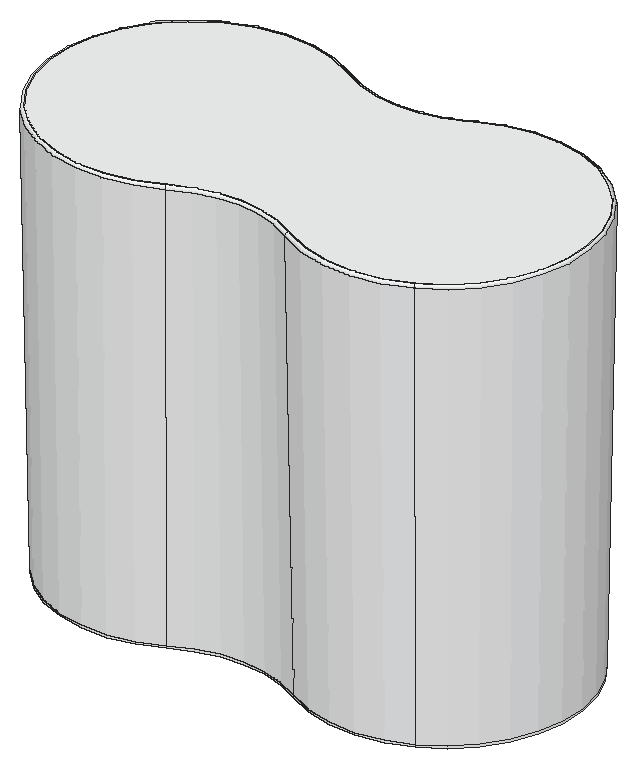
Revit family "INTONO C IN 2.3", category Lighting Fixtures, host Ceiling, Revit 2020
Family settings
  Host = Ceiling
  Round Connector Dimension = Use Diameter
  Part Type = Normal
  OmniClass Number = 23.80.70.11
  OmniClass Title = Luminaries for Internal Lighting
  Always vertical = Yes
  Cut with Voids When Loaded = No
  Light Source = Yes
  Shared = No
  Room Calculation Point = Yes
Parameters (values of type "INTONO C IN 2.3 TT 11° (3000K CRI90 12W 230Vac)")
  Wiring = "-"
  Width mm = 53.00 mm
  Weight kg = "0.35 kg"
  Wattage = 6.08582 W
  Vertical rotation max = 0.00°
  URL Technical sheet = "-"
  URL Image = "https://www.lucelight.it/en/prodotto-foto.php/141541"
  URL IES Photometric file = "https://www.lucelight.it/media/prodotti/fotometrie/intono_c_in_2.3_ies.zip"
  URL General code = "https://www.lucelight.it/en/prodotto.php/141541#a-generacodice"
  URL Description = "https://www.lucelight.it/en/capitolato.php/141541"
  URL DXF = "https://www.lucelight.it/media/prodotti/dxf/intono_c_in_2.3.dxf"
  URL Catalogue = "https://www.lucelight.it/media/prodotti/mf_brochure/intono_c_in_brochure_en.pdf"
  URL Accessories and power supply units = "https://www.lucelight.it/en/prodotto.php/141541#a-scheda-accessori"
  URL = "https://www.lucelight.it/en/prodotto.php/141541"
  Trim = L&L_Black glass
  built-in parameter 1150110 = 1 (stored number, unit not read)
  Tilt Angle = 90.00°
  Power supply unit = "built-in"
  Power supply = "230Vac"
  Power cables = "-"
  Power = "12W"
  Photometric Web File = "INTONO C 2.3 TT 11° [3000K CRI90 12W 230Vac].IES"
  Optics = "11°"
  Notes = "Version compatible with Google Home or Amazon Echo available on request for voice command control"
  No. and type of led = "2 power LEDs, 3-step MacAdam, 50 000h L90 B10 (Ta 25°C)"
  Mounting = "surface mounted (ceiling)"
  Model = "Intono C IN 2.3"
  Material = "Body in die-cast aluminium, screen in black-serigraphed, tempered, transparent extra-clear glass"
  Manufacturer = "L&L Luce&Light"
  Lumen output at source = "904 lm (3000K, CRI 90), 976 lm (3000K, CRI 80)"
  Lens = L&L_Tempered extra-clear glass
  built-in parameter 1114217 = 1 (stored number, unit not read)
  built-in parameter 1150109 = 1 (stored number, unit not read)
  built-in parameter 1150134 = (empty or 0)
  built-in parameter 1150113 = 1 (stored number, unit not read)
  Lumens = 904 lm
  built-in parameter 1150115 = 1 (stored number, unit not read)
  built-in parameter 1150105 = 13194.9 (stored number, unit not read)
  built-in parameter 1150137 = (empty or 0)
  built-in parameter 1150139 = (empty or 0)
  Length mm = 100.00 mm
  built-in parameter 1150112 = 1 (stored number, unit not read)
  built-in parameter 1150114 = 1 (stored number, unit not read)
  LED Colour = "2700K, 3000K, 4000K"
  built-in parameter 1150132 = 2
  built-in parameter 1150102 = (empty or 0)
  built-in parameter 1150138 = (empty or 0)
  built-in parameter 1150107 = 3000 (stored number, unit not read)
  built-in parameter 1150106 = 131.95 (stored number, unit not read)
  IP = "IP40"
  Horizontal rotation max = 0.00°
  Height mm = 82.00 mm
  Features = "easy installation thanks to 4-point magnetic fastener"
  Energy efficiency class = "A A+ A++"
  Emit from Line Length = 609.60 mm
  built-in parameter 1150104 = 13.8 (stored number, unit not read)
  Dimming Lamp Color Temperature Shift = <None>
  Description = "Ceiling mounted for indoor applications"
  Delivered lumen output = "652 lm (3000K, 34°, CRI 90), 704 lm (3000K, 34°, CRI 80)"
  Default Elevation = 0.00 mm
  Cutout dimensions = "-"
  Control system = "ON/OFF"
  Contact = "T: +39 0444 360571; E: lucelight@lucelight.it"
  Company = "L&L Luce&Light"
  Color Filter = 16777215
  Code = "-"
  CRI = "CRI 80; CRI >90"
  built-in parameter 1114218 = 1 (stored number, unit not read)
  Body = L&L _Aluminium low copper
  built-in parameter 1150133 = 10 (stored number, unit not read)
Types (5, lengths in mm): name | Photometric Web File | Optics
  (no name) | "INTONO C 2.3 TT 11° [3000K CRI90 12W 230Vac].IES" | "11°"
  INTONO C IN 2.3 TT 11° (3000K CRI90 12W 230Vac) | "INTONO C 2.3 TT 11° [3000K CRI90 12W 230Vac].IES" | "11°"
  INTONO C IN 2.3 MM 34° (3000K CRI90 12W 230Vac) | "INTONO C 2.3 MM 34° [3000K CRI90 12W 230Vac].IES" | "34°"
  INTONO C IN 2.3 KK 68° (3000K CRI90 12W 230Vac) | "INTONO C 2.3 KK 68° [3000K CRI90 12W 230Vac].IES" | "68°"
  INTONO C IN 2.3 DD (3000K CRI90 12W 230Vac) | "INTONO C 2.3 DD [3000K CRI90 12W 230Vac].IES" | "diffuse"
Reference planes
  plane 1 "Light Source Axis (F/B)": y = 0
  plane 2 "Ceiling": z = 2438.4
  plane 3 "Light Source Axis (L/R)": x = 0
  plane 4 "Light Source Elevation": z = 2336.8
Dimensions and locks
  equal spacing: host sketch curve, plane 3 "Light Source Axis (L/R)", host sketch curve
  equal spacing: host sketch curve, plane 1 "Light Source Axis (F/B)", host sketch curve
  host sketch curve to host sketch curve = 3048.00 mm  (x2)
  aligned and locked: plane 3 "Light Source Axis (L/R)" to imposter light
  aligned and locked: plane 1 "Light Source Axis (F/B)" to imposter light
  aligned and locked: plane 4 "Light Source Elevation" to imposter light
Nested families
  nested 1: "INTONO C IN 2.3_mod" at (0, 0, 2438.4), type "INTONO C IN 2.3_mod"
Definition of nested family "INTONO C IN 2.3_mod"
  Parameters (values of type "INTONO C IN 2.3_mod")
    Trim = none
    Lens = none
    Default Elevation = 1219.20 mm
    Body = none
  Reference planes
    plane 1 "Light Source Axis (F/B)": y = 0
    plane 2: z = 0
    plane 3 "Light Source Axis (L/R)": x = 0
    plane 4 "Light Source Elevation": z = 0
    plane 5: z = 82.5
    plane 6: x = -51.427
    plane 7: x = 51.427
    plane 8: x = 50.013
    plane 9: x = -50.013
  Forms (mm)
    Sweep 1, solid, material <- "Body", detail levels medium+fine
      path origin (0, 0, 0) x (0, 1, 0) y (-1, 0, 0)
        loop
          arc (23.219, 37.594) -> (-12.919, 48.062) -> (-22.901, 11.787) r 26.427
          arc (-22.901, 11.787) -> (-19.742, 0) -> (-22.901, -11.787) r 23.573
          arc (-22.901, -11.787) -> (-26.439, -24.645) -> (-23.247, -37.594) r 26.427
          arc (-23.247, -37.594) -> (12.891, -48.062) -> (22.872, -11.787) r 26.427
          arc (22.872, -11.787) -> (19.714, 0) -> (22.872, 11.787) r 23.573
          arc (22.872, 11.787) -> (26.41, 24.645) -> (23.219, 37.594) r 26.427
      profile origin (-48.062, -12.919, 0) x (0.872665, 0.488319, 0) y (0, 0, 1)
        loop
          arc (0.577, 0) -> (0.168, -0.179) -> (0, -0.593) r 0.593
          line (0, -0.593) -> (1.4, -82.004) -> (2.8, -82.004) -> (0.577, 0)
    Extrusion 2, solid, material <- "Body", detail levels coarse
      sketch origin (0, 0, -80.493) x (0, 1, 0) y (-1, 0, 0)
        loop
          arc (-23.221, -37.588) -> (12.898, -48.049) -> (22.874, -11.794) r 26.413
          arc (22.874, -11.794) -> (19.714, 0) -> (22.874, 11.794) r 23.587
          arc (22.874, 11.794) -> (26.41, 24.645) -> (23.221, 37.588) r 26.413
          arc (23.221, 37.588) -> (-12.898, 48.049) -> (-22.874, 11.794) r 26.413
          arc (-22.874, 11.794) -> (-19.714, 0) -> (-22.874, -11.794) r 23.587
          arc (-22.874, -11.794) -> (-26.41, -24.645) -> (-23.221, -37.588) r 26.413
      from -2.007 to 80.493
    Extrusion 3, solid, material <- "Body", detail levels medium+fine
      sketch origin (0, 0, -2) x (0, 1, 0) y (-1, 0, 0)
        loop
          arc (-22.401, -12.075) -> (-25.862, -24.653) -> (-22.74, -37.319) r 25.85
          arc (-22.74, -37.319) -> (12.609, -47.558) -> (22.373, -12.075) r 25.85
          arc (22.373, -12.075) -> (19.137, 0) -> (22.373, 12.075) r 24.15
          arc (22.373, 12.075) -> (25.834, 24.653) -> (22.712, 37.319) r 25.85
          arc (22.712, 37.319) -> (-12.637, 47.558) -> (-22.401, 12.075) r 25.85
          arc (-22.401, 12.075) -> (-19.165, 0) -> (-22.401, -12.075) r 24.15
      from 0 to 2
    Extrusion 4, solid, material <- "Body", detail levels medium+fine
      sketch origin (-25, 0, -82) x (0.879138, 0.476568, 0) y (0.476568, -0.879138, 0)
        loop
          circle (43.957, 23.828) r 22.593
        loop
          circle (0, 0) r 22.593
        loop
          arc (43.285, -1.172) -> (68.964, 23.493) -> (43.957, 48.838) r 25.009
          arc (43.957, 48.838) -> (31.744, 45.653) -> (22.642, 36.91) r 25.009
          arc (22.642, 36.91) -> (13.252, 28.012) -> (0.671, 25) r 24.991
          arc (0.671, 25) -> (-25.007, 0.336) -> (0, -25.009) r 25.009
          arc (0, -25.009) -> (12.213, -21.825) -> (21.315, -13.082) r 25.009
          arc (21.315, -13.082) -> (30.705, -4.183) -> (43.285, -1.172) r 24.991
      from 0 to 0.5
    Extrusion 5, solid, material <- "Trim", detail levels fine
      sketch origin (-25, 0, -82) x (0.879138, 0.476568, 0) y (0.476568, -0.879138, 0)
        loop
          circle (43.957, 23.828) r 22.593
        loop
          circle (0, 0) r 22.593
        loop
          circle (43.957, 23.828) r 19
        loop
          circle (0, 0) r 19
      from -2.5 to -1.5
    Extrusion 6, solid, material <- "Lens", detail levels fine
      sketch origin (-25, 0, -82) x (0.879138, 0.476568, 0) y (0.476568, -0.879138, 0)
        loop
          circle (0, 0) r 18.889
        loop
          circle (43.957, 23.828) r 18.889
      from -8 to -10
    Extrusion 7, solid, material <- "Lens", detail levels medium
      sketch origin (-25, 0, -82) x (0.879138, 0.476568, 0) y (0.476568, -0.879138, 0)
        loop
          circle (43.957, 23.828) r 22.593
        loop
          circle (0, 0) r 22.593
      from -2.5 to -1.5
    Extrusion 8, solid, material <- "Body", detail levels medium+fine
      sketch origin (-25, 0, -82) x (0.879138, 0.476568, 0) y (0.476568, -0.879138, 0)
        loop
          circle (43.957, 23.828) r 22.593
        loop
          circle (0, 0) r 22.593
        loop
          circle (43.957, 23.828) r 23.5
        loop
          circle (0, 0) r 23.5
      from -2.5 to 0
    Sweep 9, solid, material <- "Body", detail levels fine
      path origin (0, 0, -5) x (0, 1, 0) y (-1, 0, 0)
        loop
          circle (0, 25) r 19
      profile origin (-41.704, -9.055, -5) x (-0.879138, -0.476568, 0) y (0, 0, 1)
        loop
          line (-0.095, -69.216) -> (4.097, -70.742) -> (5.22, -70.742) -> (5.22, -67.079) -> (-0.111, -67.079) -> (-0.095, -69.216)
    Extrusion 10, solid, material <- "Lens", detail levels fine
      sketch origin (-25, 0, -82) x (0.879138, 0.476568, 0) y (0.476568, -0.879138, 0)
        loop
          circle (43.957, 23.828) r 19
        loop
          circle (0, 0) r 19
      from -2.5 to -1.5
    Sweep 11, solid, material <- "Body", detail levels fine
      path origin (0, 0, -5) x (0, -1, 0) y (1, 0, 0)
        loop
          circle (0, 25) r 19
      profile origin (41.704, -9.055, -5) x (-0.879138, 0.476568, 0) y (0, 0, 1)
        loop
          line (0.095, -69.216) -> (0.111, -67.079) -> (-5.22, -67.079) -> (-5.22, -70.742) -> (-4.097, -70.742) -> (0.095, -69.216)
  Dimensions and locks
    plane 4 "Light Source Elevation" to plane 5 = 82.50 mm
    plane 7 to plane 6 = 102.854 mm
    plane 8 to plane 9 = 100.026 mm
    aligned and locked: level to plane 2
